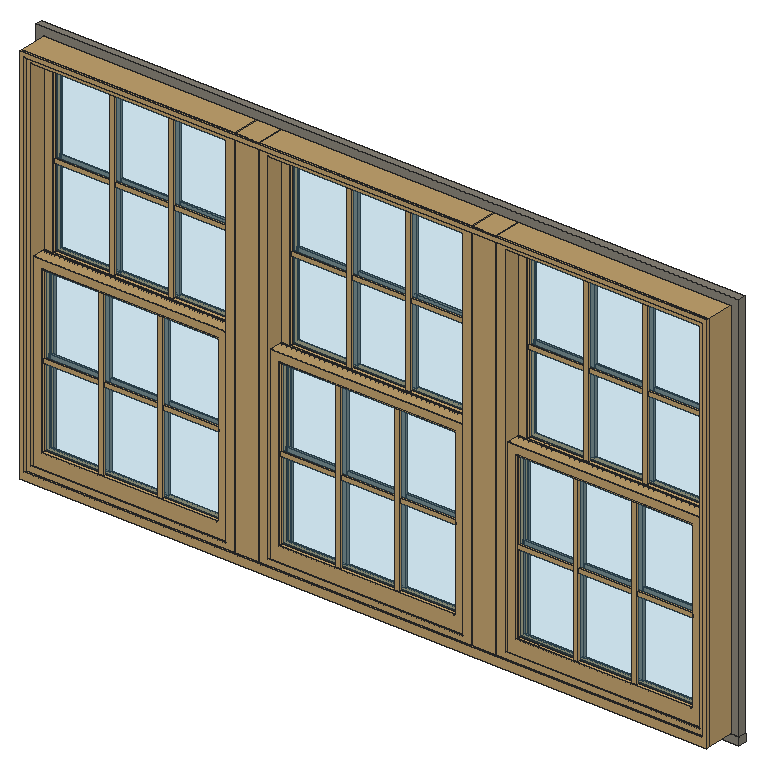
Revit family
Parameters (values of type "CUSH-NG3028")
  Window Type = "Clad Ultimate Single Hung-NG"
  Void Offset_S = if(Subsill A217 Visibility, 0' 1 11/32", if(Subsill A246 Visibility, 0' 0 9/16", 0' 0"))  # 0' - 1 11/32"
  Void Offset = if(Flat Casing Visibility, 0' 3", if(BMC Visibility, 0' 1 5/16", 0' 0"))  # 0' - 1 5/16"
  Interior Material = Wood-Marvin-Pine
  Frame = "Aluminum Clad"
  Egress Window = "Yes"
  Disclaimer line1 [instance] = "Verify assembly availability"  # constant formula
  Disclaimer line2 [instance] = "with a Marvin representative"  # constant formula
  Clear Opening Width = DLO Width + 0' 2 29/32"  # 2' - 7 21/32"
  Clear Opening Height = if(and(Nominal Unit Width > 4' 6", Nominal Height > 6' 0"), DLO Height - 0' 1 11/16", if(and(Nominal Unit Width > 4' 6", Nominal Height > 3' 4"), DLO Height - 0' 0 3/8", if(Nominal Unit Width > 4' 6", DLO Height - 0' 0 1/8", if(and(Nominal Unit Width > 4' 2", Nominal Height > 6' 8"), DLO Height - 0' 1 11/16", if(and(Nominal Unit Width > 4' 2", Nominal Height > 3' 8"), DLO Height - 0' 0 3/8", if(Nominal Unit Width > 4' 2", DLO Height - 0' 0 1/8", if(and(Nominal Unit Width > 3' 10", Nominal Height > 7' 4"), DLO Height - 0' 1 11/16", if(and(Nominal Unit Width > 3' 10", Nominal Height > 4' 0"), DLO Height - 0' 0 3/8", if(Nominal Unit Width > 3' 10", DLO Height - 0' 0 1/8", if(and(Nominal Unit Width > 3' 6", Nominal Height > 7' 8"), DLO Height - 0' 1 11/16", if(and(Nominal Unit Width > 3' 6", Nominal Height > 4' 8"), DLO Height - 0' 0 3/8", if(Nominal Unit Width > 3' 6", DLO Height - 0' 0 1/8", if(and(Nominal Unit Width > 3' 2", Nominal Height > 7' 8"), DLO Height - 0' 1 11/16", if(and(Nominal Unit Width > 3' 2", Nominal Height > 5' 0"), DLO Height - 0' 0 3/8", if(Nominal Unit Width > 3' 2", DLO Height - 0' 0 1/8", if(and(Nominal Unit Width > 3' 0", Nominal Height > 9' 0"), DLO Height - 0' 1 11/16", if(and(Nominal Unit Width > 3' 0", Nominal Height > 5' 8"), DLO Height - 0' 0 3/8", if(Nominal Unit Width > 3' 0", DLO Height - 0' 0 1/8", if(and(Nominal Unit Width > 2' 10", Nominal Height > 6' 0"), DLO Height - 0' 0 3/8", if(Nominal Unit Width > 2' 10", DLO Height - 0' 0 1/8", if(and(Nominal Unit Width > 2' 8", Nominal Height > 6' 4"), DLO Height - 0' 0 3/8", if(Nominal Unit Width > 2' 8", DLO Height - 0' 0 1/8", if(and(Nominal Unit Width > 2' 6", Nominal Height > 6' 8"), DLO Height - 0' 0 3/8", if(Nominal Unit Width > 2' 6", DLO Height - 0' 0 1/8", if(and(Nominal Unit Width > 2' 2", Nominal Height > 7' 4"), DLO Height - 0' 0 3/8", if(Nominal Unit Width > 2' 2", DLO Height - 0' 0 1/8", if(and(Nominal Unit Width > 1' 10", Nominal Height > 7' 8"), DLO Height - 0' 0 3/8", DLO Height - 0' 0 1/8")))))))))))))))))))))))))))  # 2' - 2 5/8"
  Unit Width = Nominal Unit Width - 0' 0 3/4"  # 2' - 11 1/4"
  URL = "www.marvin.com"
  Subsill Height = if(Subsill A217 Visibility, 0' 1 11/32", 0' 0 9/16")  # 0' - 1 11/32"
  Subsill A246 Visibility = and(Subsill Visibility, Subsill A246)  # no
  Subsill A217 Visibility = and(Subsill Visibility, Subsill A217)  # yes
  Space = if(Mull Space > 0' 0 1/32", Mull Space, 0' 0 1/32")  # 0' - 4"
  Prairie Corner Width = 0' - 4"
  Prairie Corner Height = 0' - 4"
  Nominal Unit Width = 3' - 0"
  Nominal Height = 5' - 4"
  Muntins Interior Finish = Wood-Marvin-Pine
  Muntins Exterior Finish = Aluminum-Marvin-Bronze
  Mulled Units Array = if(Mulled Units < 2, 2, Mulled Units)  # 3
  Mulled Units = 3
  Mull Space Units = if(Mulled Units < 3, 2, (Mulled Units - 1))  # 2
  Mull Space Single Visibility = and(Mulled Units Array = 2, Mull Space > 0' 0 1/32")  # no
  Mull Space Array Visibility = and(Mulled Units Array > 2, Mull Space > 0' 0 1/32")  # yes
  Mull Space = 0' - 4"
  Model = "CUSH-NG3028"
  Manufacturer = "Marvin Windows and Doors"
  Lites Wide Top Sash = 3
  Lites Wide Bottom Sash = 3
  Lites High Top Sash = 2
  Lites High Bottom Sash = 2
  Lite Cut Prairie 9 = no
  Lite Cut HV Grid = not(Lite Cut Prairie 9)  # yes
  Label Visibility = no
  Label Egress = if(and(and(Clear Opening Width > 1' 8", Clear Opening Height > 2' 0"), Egress Area > 5.70 SF), "EGRESS WDW", "")  # "EGRESS WDW"
  Glazing Material = Glass-Marvin-IG Low E II with Argon
  Glass Type = "IG Low E II with Argon"
  Flat Casing Visibility = and(Casing Visibility, Flat Casing)  # no
  Family created by = "www.rbuiltcomponents.com"
  Rough Width = Width + 0' 1"  # 9' - 6 3/4"
  Rough Height = Height + 0' 0 1/2"  # 5' - 4"
  Muntins Interior Top Sash = yes
  Muntins Interior Bottom Sash = yes
  Muntins Exterior Top Sash = yes
  Muntins Exterior Bottom Sash = yes
  Jamb Extension Visibility = yes
  Inset to Installation Flange [instance] = 0' - 1"
  Height = Nominal Height - 0' 0 1/2"  # 5' - 3 1/2"
  Egress Area = Clear Opening Width * Clear Opening Height  # 5.85311 SF
  Design Pressure = "DP50"
  Description = "3028 SNGHG"
  Default Head Height = 8' - 0"
  Wall Closure = (empty or 0)
  Width = (Mulled Units Array * Unit Width) + ((Mulled Units Array - 1) * Mull Space)  # 9' - 5 3/4"
  Daylight Area = DLO Width * DLO Height * Mulled Units * 2  # 32.0443 SF
  DLO Width = Unit Width - 0' 6 1/2"  # 2' - 4 3/4"
  DLO Height = (Height - 0' 10") / 2  # 2' - 2 3/4"
  Cladding Material = Aluminum-Marvin-Bronze
  Center Mull Last = if(Mulled Units Array < 3, Unit Width + Mull Space, (Unit Width + Mull Space) * (Mulled Units Array - 2))  # 3' - 3 1/4"
  Center Mull First = Center + (Mull Space / 2)  # 1' - 7 5/8"
  Center = Unit Width / 2  # 1' - 5 5/8"
  BMC Visibility = and(Casing Visibility, BMC)  # yes
  Assembly Code = ""
  Casing Visibility = yes
  BMC = yes
  Flat Casing = not(BMC)  # no
  Subsill Visibility = yes
  Subsill A246 = no
  Subsill A217 = not(Subsill A246)  # yes
Reference planes (in)
  plane 1 "Center (Front/Back)": y = 0
  plane 2: z = 0
  plane 3 "Center (Left/Right)": x = -2.0625
  plane 4 "Sill": z = 32.5
  plane 5 "Top": z = 96
  plane 6: z = 65.0625
  plane 7: x = -41.3125
  plane 8: x = 37.1875
  plane 9 "Left": x = -58.9375
  plane 10 "Right": x = 54.8125
  plane 11 "Inset": y = 2
  plane 12 "Jamb Ext face": y = -2.5625
  plane 13: x = -21.6875
  plane 14: x = 17.5625
  plane 15 "Glazing": y = 1.4375
  plane 16: z = 92.78125
  plane 17: z = 37.34375
  plane 18: z = 66
  plane 19: z = 64.125
  plane 20: z = 79.39063
  plane 21: z = 50.73438
  plane 22 "Glazing 2": y = -0.8125
  plane 23: y = -2.59375
  plane 24: x = 56.125
  plane 25: x = -60.25
  plane 26: z = 97.3125
  plane 27: z = 31.15625
  plane 28: y = 0.46875
  plane 29: y = -1.78125
Forms (in)
  Extrusion 1, solid, material "Wood-Marvin-Pine" <- "Interior Material", visible <- "Jamb Extension Visibility", detail levels medium+fine
    sketch origin (0, -2.5625, 0) x (1, 0, 0) y (0, 0, 1)
      loop
        line (-58.9375, 96) -> (-58.9375, 32.5) -> (54.8125, 32.5) -> (54.8125, 96) -> (-58.9375, 96)
      loop
        line (-58.25, 95.3125) -> (-58.25, 33.8125) -> (54.125, 33.8125) -> (54.125, 95.3125) -> (-58.25, 95.3125)
    from 0.03125 to 0.4375
  Extrusion 2, void
    sketch origin (0, 0, 0) x (1, 0, 0) y (0, 1, 0)
      loop
        line (-58.9375, 2) -> (-58.9375, -3) -> (54.8125, -3) -> (54.8125, 2) -> (-58.9375, 2)
    from 32.5 to 96
  Extrusion 3, void
    sketch origin (0, 0, 0) x (1, 0, 0) y (0, 1, 0)
      loop
        line (-60.25, 3.125) -> (-60.25, 2) -> (56.125, 2) -> (56.125, 3.125) -> (-60.25, 3.125)
    from 31.15625 to 97.3125
Lines and regions (in)
  Masking region 1, visible <- "Jamb Extension Visibility"
    outline origin (0, 0, 32.5) x (0, -1, 0) y (1, 0, 0)
      loop
        line (2.59375, -58.9375) -> (3, -58.9375) -> (3, 54.8125) -> (2.59375, 54.8125) -> (2.59375, -58.9375)
  Masking region 2
    outline origin (-2.0625, 0, 0) x (0, 1, 0) y (0, 0, 1)
      loop
        line (3.09375, 96) -> (-2.5625, 96) -> (-2.5625, 32.5) -> (3.09375, 32.5) -> (3.09375, 96)
  Masking region 3, visible <- "Jamb Extension Visibility"
    outline origin (-2.0625, 0, 0) x (0, 1, 0) y (0, 0, 1)
      loop
        line (-2.59375, 96) -> (-3, 96) -> (-3, 32.5) -> (-2.59375, 32.5) -> (-2.59375, 96)
  symbolic lines, style "WindowsFrameMullionProjection", detail levels coarse+medium
    curve 1: line (0, 3.09375, 96) -> (0, 3.09375, 95.31314)
    curve 2: line (0, 3.09375, 95.31314) -> (0, -2.5625, 95.31314)
    curve 3: line (0, -2.5625, 95.31314) -> (0, -2.5625, 96)
    curve 4: line (0, 3.09375, 32.5) -> (0, 3.09375, 33.0889)
    curve 5: line (0, 3.09375, 33.0889) -> (0, -1.3125, 34.1875)
    curve 6: line (0, -2.5625, 34.1875) -> (0, -2.5625, 32.5)
    curve 7: line (0, -1.3125, 34.1875) -> (0, -2.5625, 34.1875)
    curve 8: line (0, -0.46875, 37.34375) -> (0, -0.46875, 64.125)
    curve 9: line (0, -2.21875, 37.34375) -> (0, -2.21875, 64.125)
    curve 10: line (0, -0.46875, 33.97713) -> (0, -0.46875, 37.34375)
    curve 11: line (0, -0.46875, 37.34375) -> (0, -2.21875, 37.34375)
    curve 12: line (0, -2.21875, 37.34375) -> (0, -2.21875, 34.1875)
    curve 13: line (0, -0.46875, 64.125) -> (0, -0.46875, 64.28125)
    curve 14: line (0, -0.1875, 65.8125) -> (0, -2.21875, 65.8125)
    curve 15: line (0, -2.21875, 65.8125) -> (0, -2.21875, 64.125)
    curve 16: line (0, -0.46875, 64.125) -> (0, -2.21875, 64.125)
    curve 18: line (0, 1.78125, 66) -> (0, 1.78125, 92.78125)
    curve 19: line (0, 0.03125, 92.78125) -> (0, 0.03125, 66)
    curve 20: line (0, 1.78125, 95.31314) -> (0, 1.78125, 92.78125)
    curve 21: line (0, 0.03125, 92.78125) -> (0, 0.03125, 95.31314)
    curve 22: line (0, 0.03125, 92.78125) -> (0, 1.78125, 92.78125)
    curve 23: line (0, 1.78125, 66) -> (0, 0.03125, 66)
    curve 24: line (0, 0.03125, 66) -> (0, 0.03125, 65.81224)
    curve 25: line (0, -0.09375, 64.28125) -> (0, 1.78125, 64.28125)
    curve 26: line (0, 1.78125, 64.28125) -> (0, 1.78125, 66)
    curve 28: line (0, -0.09375, 64.28125) -> (0, -0.09375, 65.81224)
    curve 29: line (0, -0.09375, 65.81224) -> (0, 0.03125, 65.81224)
    curve 30: line (0, -0.1875, 64.28125) -> (0, -0.1875, 65.8125)
    curve 31: line (0, -0.1875, 64.28125) -> (0, -0.46875, 64.28125)
    curve 48: line (-2.0625, -3, 32.5) -> (-2.0625, 3.09375, 32.5)
    curve 49: line (-2.0625, -3, 96) -> (-2.0625, 3.09375, 96)
  symbolic lines, style "WindowsGlassProjection", detail levels coarse+medium
    curve 17: line (0, -1.34375, 64.125) -> (0, -1.34375, 37.34375)
    curve 27: line (0, 0.90625, 66) -> (0, 0.90625, 92.78125)
  symbolic lines, style "WindowsFrameMullionProjection", visible <- "Jamb Extension Visibility", detail levels coarse+medium
    curve 32: line (-2.0625, -2.59375, 33.8125) -> (-2.0625, -3, 33.8125)
    curve 33: line (-2.0625, -3, 33.8125) -> (-2.0625, -3, 32.5)
    curve 36: line (-2.0625, -2.59375, 95.3125) -> (-2.0625, -3, 95.3125)
    curve 37: line (-2.0625, -3, 95.3125) -> (-2.0625, -3, 96)
    curve 40: line (-58.95312, -3, 0) -> (-58.25, -3, 0)
    curve 41: line (-58.25, -3, 0) -> (-58.25, -2.59375, 0)
    curve 44: line (54.8125, -3, 0) -> (54.125, -3, 0)
    curve 45: line (54.125, -3, 0) -> (54.125, -2.59375, 0)
  symbolic lines, style "Jamb Extension", visible <- "Jamb Extension Visibility", detail levels fine
    curve 34: line (-2.0625, -2.59375, 33.8125) -> (-2.0625, -3, 33.8125)
    curve 35: line (-2.0625, -3, 33.8125) -> (-2.0625, -3, 32.5)
    curve 38: line (-2.0625, -2.59375, 95.3125) -> (-2.0625, -3, 95.3125)
    curve 39: line (-2.0625, -3, 95.3125) -> (-2.0625, -3, 96)
    curve 42: line (-58.95312, -3, 0) -> (-58.25, -3, 0)
    curve 43: line (-58.25, -3, 0) -> (-58.25, -2.59375, 0)
    curve 46: line (54.8125, -3, 0) -> (54.125, -3, 0)
    curve 47: line (54.125, -3, 0) -> (54.125, -2.59375, 0)
Text (in)
  text "EXTERIOR" at (-58.6888, 50.90694, 0), in view "Ref. Level"
  text "INTERIOR" at (-58.6888, -37.76638, 0), in view "Ref. Level"
  text "Exterior" at (0, 43.65631, 123.19604), in view "Left"
  text "Exterior" at (0, 18.29385, 125.04747), in view "Right"
Dimensions and locks (in)
  "Height": plane 4 "Sill" to plane 5 "Top"
  "Default Head Height": plane 2 to plane 5 "Top"
  "Width": plane 9 "Left" to plane 10 "Right"
  "Inset to Installation Flange": plane 11 "Inset" to host wall
  locked: plane 12 "Jamb Ext face" to plane 11 "Inset" at 4.5625
  nested 1 to host wall = 1' - 0"
  "Center": plane 9 "Left" to plane 7
  "Center": plane 8 to plane 10 "Right"
  "Center Mull First": plane 7 to plane 13
  "Center Mull Last": plane 13 to plane 14
  locked: plane 15 "Glazing" to plane 11 "Inset" at 0.5625
  nested 3 to plane 15 "Glazing" = 0' - 0 31/32"  (x3)
  equal spacing: plane 9 "Left", plane 3 "Center (Left/Right)", plane 10 "Right"
  group 1 to group 2 = 3' - 3 1/4"
  group 1 to group 2 = 0' - 0"  (x2)
  locked: plane 16 to plane 5 "Top" at 3.21875
  locked: plane 4 "Sill" to plane 17 at 4.84375
  equal spacing: plane 17, plane 6, plane 16
  plane 19 to plane 6 to plane 18 = 0' - 0 15/16" locked, 0' - 0 15/16" locked
  equal spacing: plane 18, plane 20, plane 16
  equal spacing: plane 17, plane 21, plane 19
  locked: plane 22 "Glazing 2" to plane 11 "Inset" at 2.8125
  nested 3 to plane 11 "Inset" = 0' - 1 17/32"
  equal spacing: group 3, group 5, group 4  (x3)
  equal spacing: group 6, group 8, group 7  (x3)
  locked: plane 5 "Top" to Extrusion 1 sketch curve at 0.6875
  locked: Extrusion 1 sketch curve to plane 10 "Right" at 0.6875
  locked: Extrusion 1 sketch curve to plane 9 "Left" at 0.6875
  locked: Extrusion 1 sketch curve to plane 4 "Sill" at 1.3125
  locked: plane 23 to plane 12 "Jamb Ext face" at 0.03125
  "Void Offset": plane 25 to plane 9 "Left"
  "Void Offset": plane 10 "Right" to plane 24
  "Void Offset": plane 5 "Top" to plane 26
  "Void Offset_S": plane 27 to plane 4 "Sill"
  locked: Extrusion 3 sketch curve to host wall at 0.125
  locked: plane 28 to plane 15 "Glazing" at 0.96875
  locked: plane 29 to plane 22 "Glazing 2" at 0.96875
  equal spacing: group 9, group 11, group 10  (x3)
  equal spacing: group 12, group 14, group 13  (x3)
  locked: curve 49 to plane 11 "Inset" at 1.09375
  locked: curve 48 to plane 11 "Inset" at 1.09375
  aligned and locked: plane 3 "Center (Left/Right)" to nested 1
  aligned and locked: plane 11 "Inset" to nested 2
  aligned and locked: plane 7 to nested 2
  aligned and locked: nested 4 to plane 7
  aligned and locked: plane 7 to nested 3
  aligned and locked: plane 4 "Sill" to nested 5
  aligned and locked: plane 11 "Inset" to nested 5
  aligned and locked: plane 13 to nested 5
  aligned and locked: plane 11 "Inset" to nested 6
  aligned and locked: plane 13 to nested 6
  aligned and locked: plane 4 "Sill" to nested 6
  aligned and locked: plane 14 to nested 7
  aligned and locked: plane 11 "Inset" to nested 7
  aligned and locked: plane 4 "Sill" to nested 7
  aligned and locked: plane 9 "Left" to Masking region 1 sketch curve
  aligned and locked: plane 10 "Right" to Masking region 1 sketch curve
  aligned and locked: Masking region 1 sketch curve to host wall
  aligned and locked: plane 7 to nested 9
  aligned and locked: plane 11 "Inset" to nested 9
  aligned and locked: nested 9 to plane 4 "Sill"
  aligned and locked: nested 4 to plane 20
  aligned and locked: nested 10 to plane 21
  aligned and locked: nested 10 to plane 7
  aligned and locked: plane 20 to nested 3
  aligned and locked: plane 21 to nested 11
  aligned and locked: plane 7 to nested 11
  aligned and locked: nested 8 to plane 5 "Top"
  aligned and locked: curve 6 to plane 12 "Jamb Ext face"
  aligned and locked: plane 17 to curve 11
  aligned and locked: curve 23 to plane 18
  aligned and locked: curve 16 to plane 19
  aligned and locked: plane 12 "Jamb Ext face" to curve 3
  aligned and locked: curve 22 to plane 16
  aligned and locked: nested 12 to plane 8
  aligned and locked: plane 11 "Inset" to nested 12
  aligned and locked: nested 14 to plane 8
  aligned and locked: plane 11 "Inset" to nested 14
  aligned and locked: nested 14 to plane 4 "Sill"
  aligned and locked: plane 5 "Top" to Masking region 2 sketch curve
  aligned and locked: Masking region 2 sketch curve to plane 4 "Sill"
  aligned and locked: Masking region 2 sketch curve to plane 12 "Jamb Ext face"
  aligned and locked: plane 5 "Top" to Extrusion 1 sketch curve
  aligned and locked: plane 9 "Left" to Extrusion 1 sketch curve
  aligned and locked: Extrusion 1 sketch curve to plane 4 "Sill"
  aligned and locked: plane 10 "Right" to Extrusion 1 sketch curve
  aligned and locked: host wall to Extrusion 1
  aligned and locked: plane 5 "Top" to Masking region 3 sketch curve
  aligned and locked: Masking region 3 sketch curve to plane 4 "Sill"
  aligned and locked: plane 23 to Masking region 3 sketch curve
  aligned and locked: Masking region 3 sketch curve to host wall
  aligned and locked: curve 32 to Extrusion 1
  aligned and locked: Extrusion 1 to curve 32
  aligned and locked: curve 34 to Extrusion 1
  aligned and locked: host wall to curve 35
  aligned and locked: Extrusion 1 to curve 38
  aligned and locked: curve 38 to Extrusion 1
  aligned and locked: Extrusion 1 to curve 41
  aligned and locked: Extrusion 1 to curve 43
  aligned and locked: curve 41 to Extrusion 1
  aligned and locked: Extrusion 1 to curve 45
  aligned and locked: Extrusion 1 to curve 47
  aligned and locked: curve 45 to Extrusion 1
  aligned and locked: Extrusion 1 to plane 23
  aligned and locked: plane 23 to Masking region 1 sketch curve
  aligned and locked: plane 3 "Center (Left/Right)" to nested 16
  aligned and locked: plane 11 "Inset" to nested 16
  aligned and locked: nested 16 to plane 4 "Sill"
  aligned and locked: plane 9 "Left" to Extrusion 2 sketch curve
  aligned and locked: plane 10 "Right" to Extrusion 2 sketch curve
  aligned and locked: plane 11 "Inset" to Extrusion 2 sketch curve
  aligned and locked: Extrusion 2 sketch curve to host wall
  aligned and locked: Extrusion 2 to plane 5 "Top"
  aligned and locked: plane 4 "Sill" to Extrusion 2
  aligned and locked: plane 25 to Extrusion 3 sketch curve
  aligned and locked: Extrusion 3 sketch curve to plane 24
  aligned and locked: Extrusion 3 sketch curve to plane 11 "Inset"
  aligned and locked: Extrusion 3 to plane 26
  aligned and locked: plane 27 to Extrusion 3
  aligned and locked: Masking region 2 sketch curve to nested 8
  aligned and locked: curve 21 to nested 8
  aligned and locked: curve 20 to nested 8
  aligned and locked: curve 1 to nested 8
  aligned and locked: curve 26 to nested 8
  aligned and locked: nested 8 to curve 25
  aligned and locked: curve 15 to nested 8
  aligned and locked: curve 14 to nested 8
  aligned and locked: curve 13 to nested 8
  aligned and locked: curve 29 to nested 8
  aligned and locked: curve 28 to nested 8
  aligned and locked: curve 30 to nested 8
  aligned and locked: curve 31 to nested 8
  aligned and locked: curve 10 to nested 8
  aligned and locked: curve 12 to nested 8
  aligned and locked: curve 7 to nested 8
  aligned and locked: curve 5 to nested 8
  aligned and locked: curve 4 to nested 8
  aligned and locked: plane 22 "Glazing 2" to nested 10
  aligned and locked: plane 29 to nested 11
  aligned and locked: plane 22 "Glazing 2" to nested 17
  aligned and locked: plane 29 to nested 18
  aligned and locked: plane 8 to nested 17
  aligned and locked: nested 17 to plane 21
  aligned and locked: nested 18 to plane 8
  aligned and locked: plane 21 to nested 18
  aligned and locked: plane 15 "Glazing" to nested 4
  aligned and locked: plane 28 to nested 3
  aligned and locked: plane 15 "Glazing" to nested 22
  aligned and locked: plane 28 to nested 21
  aligned and locked: plane 8 to nested 22
  aligned and locked: nested 22 to plane 20
  aligned and locked: plane 20 to nested 21
  aligned and locked: nested 21 to plane 8
  aligned and locked: curve 48 to nested 5
  aligned and locked: nested 8 to plane 11 "Inset"
  aligned and locked: plane 5 "Top" to curve 49
  aligned and locked: curve 2 to nested 8
Automatic sketch dimensions
  curve 42 to plane 9 "Left" = 0' - 0 1/64"
  curve 43 to host wall = 0' - 0"
  curve 44 to host wall = 0' - 0"
  curve 44 to plane 10 "Right" = 0' - 0"
  curve 4 to plane 4 "Sill" = 0' - 0"
  curve 6 to plane 4 "Sill" = 0' - 0"
  curve 1 to plane 5 "Top" = 0' - 0"
  curve 3 to plane 5 "Top" = 0' - 0"
  plane 22 "Glazing 2" to curve 17 = 0' - 0 17/32"
  plane 15 "Glazing" to curve 27 = 0' - 0 17/32"
  curve 37 to host wall = 0' - 0"
  curve 34 to plane 23 = 0' - 0"
Nested families (in)
  nested 1: "Label Annotation 1-16 w3" at (-2.0625, 15, 0), visible <- "Label Visibility", type "Label Annotation 1-16 w3"
  nested 2: "Plan_Detail" at (-41.3125, 2, 0), type "Plan_Detail", detail levels fine
    with Width 2' - 11 1/4"
  nested 3: "Muntins" at (-41.3125, 0.46875, 30.01562), visible <- "Muntins Interior Top Sash", Muntin Material <- "Muntins Interior Finish", type "Muntins"
    with MuntinDepth 0' - 0 5/16", Muntin Material Wood-Marvin-Pine, GlazingWidth 2' - 4 3/4", GlazingHeight 2' - 2 3/4", Width 2' - 5 3/16", LitesVertical 2, HorizMuntVisible no, Height 2' - 3 3/16", Inset Vert 0' - 9.35417", Inset Horiz 0' - 8 11/16", CenterMuntinHorizontal yes
  nested 4: "Muntins" at (-41.3125, 1.4375, 30.01562), Muntin Material <- "Muntins Exterior Finish", visible <- "Muntins Exterior Top Sash", type "Muntins"
    with MuntinDepth 0' - 0 5/16", Muntin Material Aluminum-Marvin-Bronze, GlazingWidth 2' - 4 3/4", GlazingHeight 2' - 2 3/4", Width 2' - 5 3/16", LitesVertical 2, HorizMuntVisible no, Height 2' - 3 3/16", Inset Vert 0' - 9.35417", Inset Horiz 0' - 8 11/16", CenterMuntinHorizontal yes
  nested 5: "Mull Space" at (-21.6875, 2, 0), visible <- "Mull Space Single Visibility", type "Mull Space"
    with Height 5' - 3 1/2"
  nested 6: "Mull Space" at (-21.6875, 2, 0), visible <- "Mull Space Array Visibility", type "Mull Space"
    with Height 5' - 3 1/2"
  nested 7: "Mull Space" at (17.5625, 2, 0), visible <- "Mull Space Array Visibility", type "Mull Space"
    with Height 5' - 3 1/2"
  nested 8: "Double_Hung_Section_Detail" at (-2.0625, 2, 64.25) x (0, 1, 0) z (1, 0, 0), type "Double_Hung_Section_Detail", detail levels fine
  nested 9: "Window-Double_Hung-Marvin-Clad_Ultimate" at (-41.3125, 2, 0), type "Window-Casement-Marvin-Clad_Ultimate"
  nested 10: "Muntins" at (-41.3125, -0.8125, 1.35937), Muntin Material <- "Muntins Exterior Finish", visible <- "Muntins Exterior Bottom Sash", type "Muntins 2"
    with MuntinDepth 0' - 0 5/16", Muntin Material Aluminum-Marvin-Bronze, GlazingWidth 2' - 4 3/4", GlazingHeight 2' - 2 3/4", Width 2' - 5 3/16", LitesVertical 2, HorizMuntVisible no, Height 2' - 3 3/16", Inset Vert 0' - 9.35417", Inset Horiz 0' - 8 11/16", CenterMuntinHorizontal yes
  nested 11: "Muntins" at (-41.3125, -1.78125, 1.35937), visible <- "Muntins Interior Bottom Sash", Muntin Material <- "Muntins Interior Finish", type "Muntins 2"
    with MuntinDepth 0' - 0 5/16", Muntin Material Wood-Marvin-Pine, GlazingWidth 2' - 4 3/4", GlazingHeight 2' - 2 3/4", Width 2' - 5 3/16", LitesVertical 2, HorizMuntVisible no, Height 2' - 3 3/16", Inset Vert 0' - 9.35417", Inset Horiz 0' - 8 11/16", CenterMuntinHorizontal yes
  nested 12: "Plan_Detail" at (37.1875, 2, 0), type "Plan_Detail", detail levels fine
    with Width 2' - 11 1/4"
  nested 13: "Plan_Detail" at (-2.0625, 2, 0), type "Plan_Detail", detail levels fine
    with Width 2' - 11 1/4"
  nested 14: "Window-Double_Hung-Marvin-Clad_Ultimate" at (37.1875, 2, 0), type "Window-Casement-Marvin-Clad_Ultimate"
  nested 15: "Window-Double_Hung-Marvin-Clad_Ultimate" at (-2.0625, 2, 0), type "Window-Casement-Marvin-Clad_Ultimate"
  nested 16: "Casing_Clad" at (-2.0625, 2, 32.5), type "Casing_Clad"
    with Width 9' - 5 3/4", Height 5' - 3 1/2"
  nested 17: "Muntins" at (37.1875, -0.8125, 1.35937), Muntin Material <- "Muntins Exterior Finish", visible <- "Muntins Exterior Bottom Sash", type "Muntins 2"
    with MuntinDepth 0' - 0 5/16", Muntin Material Aluminum-Marvin-Bronze, GlazingWidth 2' - 4 3/4", GlazingHeight 2' - 2 3/4", Width 2' - 5 3/16", LitesVertical 2, HorizMuntVisible no, Height 2' - 3 3/16", Inset Vert 0' - 9.35417", Inset Horiz 0' - 8 11/16", CenterMuntinHorizontal yes
  nested 18: "Muntins" at (37.1875, -1.78125, 1.35937), visible <- "Muntins Interior Bottom Sash", Muntin Material <- "Muntins Interior Finish", type "Muntins 2"
    with MuntinDepth 0' - 0 5/16", Muntin Material Wood-Marvin-Pine, GlazingWidth 2' - 4 3/4", GlazingHeight 2' - 2 3/4", Width 2' - 5 3/16", LitesVertical 2, HorizMuntVisible no, Height 2' - 3 3/16", Inset Vert 0' - 9.35417", Inset Horiz 0' - 8 11/16", CenterMuntinHorizontal yes
  nested 19: "Muntins" at (-2.0625, -0.8125, 1.35937), Muntin Material <- "Muntins Exterior Finish", visible <- "Muntins Exterior Bottom Sash", type "Muntins 2"
    with MuntinDepth 0' - 0 5/16", Muntin Material Aluminum-Marvin-Bronze, GlazingWidth 2' - 4 3/4", GlazingHeight 2' - 2 3/4", Width 2' - 5 3/16", LitesVertical 2, HorizMuntVisible no, Height 2' - 3 3/16", Inset Vert 0' - 9.35417", Inset Horiz 0' - 8 11/16", CenterMuntinHorizontal yes
  nested 20: "Muntins" at (-2.0625, -1.78125, 1.35937), visible <- "Muntins Interior Bottom Sash", Muntin Material <- "Muntins Interior Finish", type "Muntins 2"
    with MuntinDepth 0' - 0 5/16", Muntin Material Wood-Marvin-Pine, GlazingWidth 2' - 4 3/4", GlazingHeight 2' - 2 3/4", Width 2' - 5 3/16", LitesVertical 2, HorizMuntVisible no, Height 2' - 3 3/16", Inset Vert 0' - 9.35417", Inset Horiz 0' - 8 11/16", CenterMuntinHorizontal yes
  nested 21: "Muntins" at (37.1875, 0.46875, 30.01562), visible <- "Muntins Interior Top Sash", Muntin Material <- "Muntins Interior Finish", type "Muntins"
    with MuntinDepth 0' - 0 5/16", Muntin Material Wood-Marvin-Pine, GlazingWidth 2' - 4 3/4", GlazingHeight 2' - 2 3/4", Width 2' - 5 3/16", LitesVertical 2, HorizMuntVisible no, Height 2' - 3 3/16", Inset Vert 0' - 9.35417", Inset Horiz 0' - 8 11/16", CenterMuntinHorizontal yes
  nested 22: "Muntins" at (37.1875, 1.4375, 30.01562), Muntin Material <- "Muntins Exterior Finish", visible <- "Muntins Exterior Top Sash", type "Muntins"
    with MuntinDepth 0' - 0 5/16", Muntin Material Aluminum-Marvin-Bronze, GlazingWidth 2' - 4 3/4", GlazingHeight 2' - 2 3/4", Width 2' - 5 3/16", LitesVertical 2, HorizMuntVisible no, Height 2' - 3 3/16", Inset Vert 0' - 9.35417", Inset Horiz 0' - 8 11/16", CenterMuntinHorizontal yes
  nested 23: "Muntins" at (-2.0625, 0.46875, 30.01562), visible <- "Muntins Interior Top Sash", Muntin Material <- "Muntins Interior Finish", type "Muntins"
    with MuntinDepth 0' - 0 5/16", Muntin Material Wood-Marvin-Pine, GlazingWidth 2' - 4 3/4", GlazingHeight 2' - 2 3/4", Width 2' - 5 3/16", LitesVertical 2, HorizMuntVisible no, Height 2' - 3 3/16", Inset Vert 0' - 9.35417", Inset Horiz 0' - 8 11/16", CenterMuntinHorizontal yes
  nested 24: "Muntins" at (-2.0625, 1.4375, 30.01562), Muntin Material <- "Muntins Exterior Finish", visible <- "Muntins Exterior Top Sash", type "Muntins"
    with MuntinDepth 0' - 0 5/16", Muntin Material Aluminum-Marvin-Bronze, GlazingWidth 2' - 4 3/4", GlazingHeight 2' - 2 3/4", Width 2' - 5 3/16", LitesVertical 2, HorizMuntVisible no, Height 2' - 3 3/16", Inset Vert 0' - 9.35417", Inset Horiz 0' - 8 11/16", CenterMuntinHorizontal yes
Definition of nested family "Muntins"
  Parameters (values of type "Muntins")
    PrairieMuntVisible = no
    Prairie Corner Width = 0' - 4"
    Prairie Corner Height = 0' - 4"
    Muntin Extension = 0' - 0 7/16"
    GridMuntVisible = yes
    GlazingWidth = 2' - 0"
    GlazingHeight = 2' - 11 1/8"
    Width = GlazingWidth + Muntin Extension  # 2' - 0 7/16"
    VerticalMuntins = if(LitesHorizontal < 3, 2, LitesHorizontal - 1)  # 2
    VertMuntVisible = and(GridMuntVisible, LitesHorizontal > 2)  # yes
    MuntinWidth = 0' - 0 3/4"
    MuntinDepth [instance] = 0' - 0 3/8"
    Muntin Material [instance] = none
    LitesVertical = 3
    LitesHorizontal = 3
    HorizontalMuntins = if(LitesVertical < 3, 2, LitesVertical - 1)  # 2
    HorizMuntVisible = and(GridMuntVisible, LitesVertical > 2)  # yes
    Height = GlazingHeight + Muntin Extension  # 2' - 11 9/16"
    Inset Vert = if(LitesHorizontal < 3, (Width / 3) - (MuntinWidth / 2), (Width / LitesHorizontal) - (MuntinWidth / 2))  # 0' - 7.77083"
    Inset Horiz = if(LitesVertical < 3, (Height / 3) - (MuntinWidth / 2), (Height / LitesVertical) - (MuntinWidth / 2))  # 0' - 11.47917"
    CenterMuntinVertical = and(GridMuntVisible, LitesHorizontal = 2)  # no
    CenterMuntinHorizontal = and(GridMuntVisible, LitesVertical = 2)  # no
    Assembly Code = ""
  Reference planes (in)
    plane 1 "Center (Front/Back)": y = 0
    plane 2: z = 0
    plane 3 "Center (Left/Right)": x = 0
    plane 4: z = 35.78125
    plane 5: z = 53.5625
    plane 6: z = 71.34375
    plane 7: z = 59.86458
    plane 8: z = 47.26042
    plane 9: z = 71.125
    plane 10: z = 36
    plane 11: x = -12
    plane 12: x = 12
    plane 13: x = -4.44792
    plane 14: x = -12.21875
    plane 15: x = 12.21875
    plane 16: x = 4.44792
    plane 17: z = 67.125
    plane 18: z = 40
    plane 19: x = -8
    plane 20: x = 8
  Forms (in)
    Extrusion 1, solid, material <- "Muntin Material", visible <- "CenterMuntinVertical", detail levels medium+fine
      sketch origin (9, 0, 0) x (1, 0, 0) y (0, 0, 1)
        loop
          line (-9.375, 71.34375) -> (-9.375, 35.78125) -> (-8.625, 35.78125) -> (-8.625, 71.34375) -> (-9.375, 71.34375)
      from 0 to 0.375 <- "MuntinDepth"
    Extrusion 2, solid, material <- "Muntin Material", visible <- "CenterMuntinHorizontal", detail levels medium+fine
      sketch origin (-0.0013, 0, 14.6875) x (1, 0, 0) y (0, 0, 1)
        loop
          line (-12.21745, 39.25) -> (-12.21745, 38.5) -> (12.22005, 38.5) -> (12.22005, 39.25) -> (-12.21745, 39.25)
      from 0 to 0.375 <- "MuntinDepth"
    Extrusion 3, solid, material <- "Muntin Material", visible <- "VertMuntVisible", detail levels medium+fine
      sketch origin (4.92708, 0, -2.90625) x (1, 0, 0) y (0, 0, 1)
        loop
          line (-9.375, 74.25) -> (-9.375, 38.6875) -> (-8.625, 38.6875) -> (-8.625, 74.25) -> (-9.375, 74.25)
      from 0 to 0.375 <- "MuntinDepth"
    Extrusion 4, solid, material <- "Muntin Material", visible <- "HorizMuntVisible", detail levels medium+fine
      sketch origin (-3.09635, 0, 14.17708) x (1, 0, 0) y (0, 0, 1)
        loop
          line (-9.1224, 45.6875) -> (-9.1224, 44.9375) -> (15.3151, 44.9375) -> (15.3151, 45.6875) -> (-9.1224, 45.6875)
      from 0 to 0.375 <- "MuntinDepth"
    Extrusion 5, solid, material <- "Muntin Material", visible <- "HorizMuntVisible", detail levels medium+fine
      sketch origin (-3.09635, 0, 2.32292) x (1, 0, 0) y (0, 0, 1)
        loop
          line (-9.1224, 45.6875) -> (-9.1224, 44.9375) -> (15.3151, 44.9375) -> (15.3151, 45.6875) -> (-9.1224, 45.6875)
      from 0 to 0.375 <- "MuntinDepth"
    Extrusion 6, solid, material <- "Muntin Material", visible <- "VertMuntVisible", detail levels medium+fine
      sketch origin (13.07292, 0, -2.90625) x (1, 0, 0) y (0, 0, 1)
        loop
          line (-9.375, 74.25) -> (-9.375, 38.6875) -> (-8.625, 38.6875) -> (-8.625, 74.25) -> (-9.375, 74.25)
      from 0 to 0.375 <- "MuntinDepth"
    Extrusion 7, solid, material <- "Muntin Material", visible <- "PrairieMuntVisible", detail levels medium+fine
      sketch origin (1, 0, 0) x (1, 0, 0) y (0, 0, 1)
        loop
          line (-9, 71.34375) -> (-9, 35.78125) -> (-8.25, 35.78125) -> (-8.25, 71.34375) -> (-9, 71.34375)
      from 0 to 0.375 <- "MuntinDepth"
    Extrusion 8, solid, material <- "Muntin Material", visible <- "PrairieMuntVisible", detail levels medium+fine
      sketch origin (17, 0, 0) x (1, 0, 0) y (0, 0, 1)
        loop
          line (-9.75, 71.34375) -> (-9.75, 35.78125) -> (-9, 35.78125) -> (-9, 71.34375) -> (-9.75, 71.34375)
      from 0 to 0.375 <- "MuntinDepth"
    Extrusion 9, solid, material <- "Muntin Material", visible <- "PrairieMuntVisible", detail levels medium+fine
      sketch origin (-0.0013, 0, 28.25) x (1, 0, 0) y (0, 0, 1)
        loop
          line (-12.21745, 38.875) -> (-12.21745, 38.125) -> (12.22005, 38.125) -> (12.22005, 38.875) -> (-12.21745, 38.875)
      from 0 to 0.375 <- "MuntinDepth"
    Extrusion 10, solid, material <- "Muntin Material", visible <- "PrairieMuntVisible", detail levels medium+fine
      sketch origin (-0.0013, 0, 1.125) x (1, 0, 0) y (0, 0, 1)
        loop
          line (-12.21745, 39.625) -> (-12.21745, 38.875) -> (12.22005, 38.875) -> (12.22005, 39.625) -> (-12.21745, 39.625)
      from 0 to 0.375 <- "MuntinDepth"
  Cuts and joins
    joined: Extrusion 7, Extrusion 8, Extrusion 9, Extrusion 10
  Lines and regions (in)
    model lines, style "Muntins", visible <- "CenterMuntinHorizontal", detail levels coarse
      curve 1: line (-12.21875, 0, 53.5625) -> (12.21875, 0, 53.5625)
    model lines, style "Muntins", visible <- "HorizMuntVisible", detail levels coarse
      curve 2: line (-12.21875, 0, 59.48958) -> (12.21875, 0, 59.48958)
      curve 3: line (-12.21875, 0, 47.63542) -> (12.21875, 0, 47.63542)
    model lines, style "Muntins", visible <- "CenterMuntinVertical", detail levels coarse
      curve 4: line (0, 0, 71.34375) -> (0, 0, 35.78125)
    model lines, style "Muntins", visible <- "VertMuntVisible", detail levels coarse
      curve 5: line (-4.07292, 0, 71.34375) -> (-4.07292, 0, 35.78125)
      curve 6: line (4.07292, 0, 71.34375) -> (4.07292, 0, 35.78125)
    model lines, style "Muntins", visible <- "PrairieMuntVisible", detail levels coarse
      curve 7: line (-12.21875, 0, 66.75) -> (12.21875, 0, 66.75)
      curve 8: line (-12.21875, 0, 40.375) -> (12.21875, 0, 40.375)
      curve 9: line (-7.625, 0, 35.78125) -> (-7.625, 0, 71.34375)
      curve 10: line (7.625, 0, 35.78125) -> (7.625, 0, 71.34375)
  Dimensions and locks (in)
    "Inset Horiz": plane 6 to plane 7
    "Inset Horiz": plane 8 to plane 4
    equal spacing: plane 6, plane 5, plane 4
    "Height": plane 6 to plane 4
    "GlazingHeight": plane 9 to plane 10
    equal spacing: plane 9, plane 5, plane 10
    "GlazingWidth": plane 12 to plane 11
    equal spacing: plane 12, plane 3 "Center (Left/Right)", plane 11
    "MuntinWidth": Extrusion 1 sketch curve to Extrusion 1 sketch curve
    "Height": Extrusion 1 sketch curve to Extrusion 1 sketch curve
    "MuntinWidth": Extrusion 2 sketch curve to Extrusion 2 sketch curve
    "Width": Extrusion 2 sketch curve to Extrusion 2 sketch curve
    "MuntinWidth": Extrusion 3 sketch curve to Extrusion 3 sketch curve
    "Height": Extrusion 3 sketch curve to Extrusion 3 sketch curve
    "Width": plane 15 to plane 14
    equal spacing: plane 15, plane 3 "Center (Left/Right)", plane 14
    "Inset Vert": plane 13 to plane 14
    "Inset Vert": plane 15 to plane 16
    "MuntinWidth": Extrusion 4 sketch curve to Extrusion 4 sketch curve
    "Width": Extrusion 4 sketch curve to Extrusion 4 sketch curve
    "MuntinWidth": Extrusion 5 sketch curve to Extrusion 5 sketch curve
    "Width": Extrusion 5 sketch curve to Extrusion 5 sketch curve
    group 2 to group 3 = 0' - 0"  (x2)
    group 3 to group 2 = 0' - 11.85417"
    "MuntinWidth": Extrusion 6 sketch curve to Extrusion 6 sketch curve
    "Height": Extrusion 6 sketch curve to Extrusion 6 sketch curve
    group 4 to group 5 = 0' - 8.14583"
    group 4 to group 5 = 0' - 0"  (x2)
    "Prairie Corner Width": plane 19 to plane 11
    "Prairie Corner Width": plane 20 to plane 12
    "Prairie Corner Height": plane 9 to plane 17
    "Prairie Corner Height": plane 18 to plane 10
    "MuntinWidth": Extrusion 7 sketch curve to Extrusion 7 sketch curve
    "Height": Extrusion 7 sketch curve to Extrusion 7 sketch curve
    "MuntinWidth": Extrusion 8 sketch curve to Extrusion 8 sketch curve
    "Height": Extrusion 8 sketch curve to Extrusion 8 sketch curve
    "MuntinWidth": Extrusion 9 sketch curve to Extrusion 9 sketch curve
    "Width": Extrusion 9 sketch curve to Extrusion 9 sketch curve
    "MuntinWidth": Extrusion 10 sketch curve to Extrusion 10 sketch curve
    "Width": Extrusion 10 sketch curve to Extrusion 10 sketch curve
    aligned and locked: plane 6 to Extrusion 1  (x2)
    aligned and locked: Extrusion 1 to plane 4  (x3)
    aligned and locked: Extrusion 3 to plane 13  (x5)
    aligned and locked: Extrusion 3 to plane 4  (x3)
    aligned and locked: Extrusion 2 to plane 14
    aligned and locked: plane 15 to Extrusion 2
    aligned and locked: plane 6 to Extrusion 3
    aligned and locked: plane 7 to Extrusion 4
    aligned and locked: Extrusion 4 to plane 14
    aligned and locked: plane 15 to Extrusion 4
    aligned and locked: curve 1 to plane 5
    aligned and locked: plane 14 to curve 1
    aligned and locked: plane 15 to curve 1
    aligned and locked: Extrusion 5 to plane 14
    aligned and locked: Extrusion 5 to plane 8
    aligned and locked: plane 15 to Extrusion 5
    aligned and locked: Extrusion 5 to curve 3  (x2)
    aligned and locked: Extrusion 4 to curve 2  (x2)
    aligned and locked: curve 4 to plane 3 "Center (Left/Right)"
    aligned and locked: Extrusion 1 to curve 4  (x2)
    aligned and locked: Extrusion 3 to curve 5  (x2)
    aligned and locked: Extrusion 6 to curve 6  (x2)
    aligned and locked: Extrusion 6 to plane 16
    aligned and locked: plane 6 to Extrusion 6
    aligned and locked: plane 6 to curve 6
    aligned and locked: Extrusion 6 to plane 4
    aligned and locked: plane 4 to curve 6
    aligned and locked: cut or joined group of Extrusion 7, Extrusion 8, Extrusion 9, Extrusion 10 to plane 19
    aligned and locked: plane 20 to cut or joined group of Extrusion 7, Extrusion 8, Extrusion 9, Extrusion 10
    aligned and locked: plane 17 to cut or joined group of Extrusion 7, Extrusion 8, Extrusion 9, Extrusion 10
    aligned and locked: cut or joined group of Extrusion 7, Extrusion 8, Extrusion 9, Extrusion 10 to plane 18
    aligned and locked: cut or joined group of Extrusion 7, Extrusion 8, Extrusion 9, Extrusion 10 to curve 7  (x2)
    aligned and locked: cut or joined group of Extrusion 7, Extrusion 8, Extrusion 9, Extrusion 10 to curve 8  (x2)
    aligned and locked: cut or joined group of Extrusion 7, Extrusion 8, Extrusion 9, Extrusion 10 to curve 9  (x2)
    aligned and locked: cut or joined group of Extrusion 7, Extrusion 8, Extrusion 9, Extrusion 10 to curve 10  (x2)
  Automatic sketch dimensions
    Extrusion 1 sketch curve to plane 4 = 0' - 0"
    Extrusion 1 sketch curve to plane 3 "Center (Left/Right)" = 0' - 0 3/8"
    Extrusion 2 sketch curve to plane 14 = 0' - 0"
    Extrusion 2 sketch curve to plane 5 = 0' - 0 3/8"
    Extrusion 7 sketch curve to plane 4 = 0' - 0"
    Extrusion 7 sketch curve to plane 19 = 0' - 0"
    Extrusion 8 sketch curve to plane 4 = 0' - 0"
    Extrusion 8 sketch curve to plane 20 = 0' - 0 3/4"
    Extrusion 9 sketch curve to plane 14 = 0' - 0"
    Extrusion 9 sketch curve to plane 17 = 0' - 0 3/4"
    Extrusion 10 sketch curve to plane 14 = 0' - 0"
    Extrusion 10 sketch curve to plane 18 = 0' - 0"
    plane 19 to curve 9 = 0' - 0 3/8"
    curve 10 to plane 20 = 0' - 0 3/8"
    plane 18 to curve 8 = 0' - 0 3/8"
    curve 7 to plane 17 = 0' - 0 3/8"
Definition of nested family "Mull Space"
  Parameters (values of type "Mull Space")
    Mull Space = 0' - 4"
    Interior Finish = Wood-Marvin-Pine
    Height = 5' - 4 3/8"
    Cladding Finish = Aluminum-Marvin-Bronze
    Assembly Code = ""
  Reference planes (in)
    plane 1 "Center (Front/Back)": y = 0
    plane 2: z = 0
    plane 3 "Center (Left/Right)": x = 0
    plane 4: y = -4.5625
    plane 5: y = 1.09375
    plane 6: x = 2
    plane 7: x = -2
    plane 8: z = 96
    plane 9 "Sill": z = 31.625
  Forms (in)
    Extrusion 1, solid, material "Wood-Marvin-Pine" <- "Interior Finish"
      sketch origin (0, 0, 0) x (1, 0, 0) y (0, 1, 0)
        loop
          line (-2, 1.09375) -> (-2, -4.5625) -> (2, -4.5625) -> (2, 1.09375) -> (-2, 1.09375)
      from 31.625 to 96
  Lines and regions (in)
    Masking region 1
      outline origin (0, 0, 31.625) x (1, 0, 0) y (0, 1, 0)
        loop
          line (-2, 1.09375) -> (-2, -4.5625) -> (2, -4.5625) -> (2, 1.09375) -> (-2, 1.09375)
    Split face 1
      outline origin (0, 0, 96) x (1, 0, 0) y (0, 1, 0)
        loop
          line (2, 0) -> (-2, 0)
    Split face 2
      outline origin (0, 0, 31.625) x (1, 0, 0) y (0, 1, 0)
        loop
          line (2, 0) -> (-2, 0)
    symbolic lines, style "WindowsFrameMullionProjection", detail levels coarse+medium
      curve 1: line (-2, 1.09375, 31.625) -> (2, 1.09375, 31.625)
      curve 2: line (-2, -4.5625, 31.625) -> (2, -4.5625, 31.625)
  Dimensions and locks (in)
    locked: plane 4 to plane 1 "Center (Front/Back)" at 4.5625
    locked: plane 1 "Center (Front/Back)" to plane 5 at 1.09375
    equal spacing: plane 7, plane 3 "Center (Left/Right)", plane 6
    "Mull Space": plane 7 to plane 6
    "Height": plane 9 "Sill" to plane 8
    aligned and locked: plane 5 to Extrusion 1 sketch curve
    aligned and locked: Extrusion 1 sketch curve to plane 4
    aligned and locked: Extrusion 1 sketch curve to plane 6
    aligned and locked: plane 7 to Extrusion 1 sketch curve
    aligned and locked: plane 8 to Extrusion 1
    aligned and locked: plane 7 to Masking region 1 sketch curve
    aligned and locked: Masking region 1 sketch curve to plane 6
    aligned and locked: plane 5 to Masking region 1 sketch curve
    aligned and locked: Masking region 1 sketch curve to plane 4
    aligned and locked: Split face 1 sketch curve to plane 1 "Center (Front/Back)"
    aligned and locked: Split face 2 sketch curve to plane 1 "Center (Front/Back)"
    aligned and locked: Extrusion 1 to plane 9 "Sill"
  Automatic sketch dimensions
    Split face 1 sketch curve to Extrusion 1 = 0' - 0"  (x2)
    Split face 2 sketch curve to Extrusion 1 = 0' - 0"  (x2)
    curve 2 to plane 4 = 0' - 0"
    curve 2 to plane 7 = 0' - 0"
    curve 1 to plane 5 = 0' - 0"
    curve 1 to plane 7 = 0' - 0"
    curve 2 to plane 6 = 0' - 0"
    curve 1 to plane 6 = 0' - 0"
Definition of nested family "Window-Double_Hung-Marvin-Clad_Ultimate"
  Parameters (values of type "Window-Casement-Marvin-Clad_Ultimate")
    Width = 0' - 0"
    Unit Width = 2' - 11 1/4"
    Interior Finish = Wood-Marvin-Pine
    Height = 5' - 3 1/2"
    Glazing Material = Glass-Marvin-IG Low E II with Argon
    DLO Width = Unit Width - 0' 6 1/2"  # 2' - 4 3/4"
    DLO Height = (Height - 0' 10") / 2  # 2' - 2 3/4"
    Cladding Finish = Aluminum-Marvin-Bronze
    Assembly Code = ""
  Reference planes (in)
    plane 1 "Center (Front/Back)": y = 0
    plane 2: z = 0
    plane 3 "Center (Left/Right)": x = 0
    plane 4: x = 17.625
    plane 5: x = -17.625
    plane 6 "Glazing": y = -0.5625
    plane 7: y = -4.5625
    plane 8: z = 96
    plane 9 "Sill": z = 32.5
    plane 10: z = 65.0625
    plane 11: x = -14.40625
    plane 12: x = 14.40625
    plane 13 "Glazing 2": y = -2.8125
    plane 14: z = 92.78125
    plane 15: z = 37.34375
    plane 16: z = 66.03125
    plane 17: z = 64.09375
  Forms (in)
    Sweep 1, solid, material "Wood-Marvin-Pine" <- "Interior Finish"
      path origin (0, -0.5625, 0) x (1, 0, 0) y (0, 0, 1)
        loop
          line (17.625, 32.5) -> (17.625, 96) -> (-17.625, 96) -> (-17.625, 32.5)
      profile "Clad Frame : Clad Frame" origin (-17.625, -0.5625, 64.25) x (1, 0, 0) y (0, -1, 0)
        loop
          line (0, -1.65625) -> (0.59375, -1.65625) -> (0.66381, -1.1875) -> (0.9375, -1.1875) -> (0.9375, -0.78125) -> (1.78125, -0.78125) -> (1.78125, -0.4375) -> (1.5, -0.4375) -> (1.5, 4) -> (0, 4) -> (0, -1.65625)
    Extrusion 2, solid, material "Glass-Marvin-IG Low E II with Argon" <- "Glazing Material"
      sketch origin (0, -0.5625, 0) x (1, 0, 0) y (0, 0, 1)
        loop
          line (14.90625, 93.28125) -> (-14.90625, 93.28125) -> (-14.90625, 65.53125) -> (14.90625, 65.53125) -> (14.90625, 93.28125)
      from 0 to 0.15625
    Sweep 3, solid, material "Wood-Marvin-Pine" <- "Interior Finish"
      path origin (0, -0.5625, 0) x (1, 0, 0) y (0, 0, 1)
        loop
          line (14.40625, 92.78125) -> (-14.40625, 92.78125) -> (-14.40625, 66.03125) -> (14.40625, 66.03125) -> (14.40625, 92.78125)
      profile "Sash : Sash" origin (0, -0.5625, 92.78125) x (0, 0, -1) y (0, -1, 0)
        loop
          line (-1.65625, 1.40625) -> (-1.65625, -0.34375) -> (-0.1875, -0.34375) -> (-0.1875, -0.19262) -> (0, -0.03595) -> (0, 0) -> (-0.75, 0) -> (-0.75, 0.96875) -> (0, 0.96875) -> (0, 1.12032) -> (-0.21901, 1.33933) -> (-0.21901, 1.40625) -> (-1.65625, 1.40625)
    Sweep 4, solid, material "Wood-Marvin-Pine" <- "Interior Finish"
      path origin (0, -2.8125, 0) x (1, 0, 0) y (0, 0, 1)
        loop
          line (14.40625, 64.09375) -> (-14.40625, 64.09375) -> (-14.40625, 37.34375) -> (14.40625, 37.34375) -> (14.40625, 64.09375)
      profile "Sash : Sash" origin (0, -2.8125, 64.09375) x (0, 0, -1) y (0, -1, 0)
        loop
          line (-1.65625, 1.40625) -> (-1.65625, -0.34375) -> (-0.1875, -0.34375) -> (-0.1875, -0.19262) -> (0, -0.03595) -> (0, 0) -> (-0.75, 0) -> (-0.75, 0.96875) -> (0, 0.96875) -> (0, 1.12032) -> (-0.21901, 1.33933) -> (-0.21901, 1.40625) -> (-1.65625, 1.40625)
    Extrusion 5, solid, material "Glass-Marvin-IG Low E II with Argon" <- "Glazing Material"
      sketch origin (0, -2.8125, 0) x (1, 0, 0) y (0, 0, 1)
        loop
          line (14.90625, 64.59375) -> (-14.90625, 64.59375) -> (-14.90625, 36.84375) -> (14.90625, 36.84375) -> (14.90625, 64.59375)
      from 0 to 0.15625
    Sweep 6, solid, material "Wood-Marvin-Pine" <- "Interior Finish"
      path in 3D
        loop
          line (-16.0625, -2.46875, 35.6875) -> (16.0625, -2.46875, 35.6875)
      profile "Sash bottom : Sash bottom" origin (0, -2.46875, 35.6875) x (0, -1, 0) y (0, 0, -1)
        loop
          line (1.75, 1.28125) -> (0.25, 1.28125) -> (0.25, 1.56752) -> (0, 1.62985) -> (0, 0) -> (1.75, 0) -> (1.75, 1.28125)
    Sweep 7, solid, material "Wood-Marvin-Pine" <- "Interior Finish"
      path origin (0, -2.8125, 0) x (1, 0, 0) y (0, 0, 1)
        loop
          line (17.625, 32.5) -> (-17.625, 32.5)
      profile "Sill : Sill" origin (0, -2.8125, 32.5) x (0, 0, -1) y (0, -1, 0)
        loop
          line (0, 1.75) -> (-2.22769, 1.75) -> (-2.22769, 1.5) -> (-1.6875, 1.5) -> (-1.6875, 0.5) -> (-0.80316, -3.04688) -> (-0.72218, -3.04688) -> (-0.59375, -3.90625) -> (0, -3.90625) -> (0, 1.75)
    Sweep 8, solid, material "Wood-Marvin-Pine" <- "Interior Finish"
      path in 3D
        loop
          line (-16.0625, -0.21875, 64.375) -> (16.0625, -0.21875, 64.375)
      profile "Checkrail : Checkrail" origin (0, -0.21875, 64.375) x (0, -1, 0) y (0, 0, -1)
        loop
          line (2.25, -0.4375) -> (2.14063, -0.4375) -> (2.14063, 0.09375) -> (0, 0.09375) -> (0, 0) -> (1.75, 0) -> (1.75, -0.4375) -> (1.75, -1.4375) -> (1.875, -1.4375) -> (1.875, -1.375) -> (1.96875, -1.375) -> (1.96875, -1.4375) -> (4, -1.4375) -> (4, -1.375) -> (2.25, -1.375) -> (2.25, -0.4375)
    Extrusion 9, solid, material "Glass-Marvin-IG Low E II with Argon" <- "Glazing Material"
      sketch origin (0, -0.5625, 0) x (1, 0, 0) y (0, 0, 1)
        loop
          line (14.90625, 93.28125) -> (-14.90625, 93.28125) -> (-14.90625, 65.53125) -> (14.90625, 65.53125) -> (14.90625, 93.28125)
      from 0.8125 to 0.96875
    Extrusion 10, solid, material "Glass-Marvin-IG Low E II with Argon" <- "Glazing Material"
      sketch origin (0, -2.8125, 0) x (1, 0, 0) y (0, 0, 1)
        loop
          line (14.90625, 64.59375) -> (-14.90625, 64.59375) -> (-14.90625, 36.84375) -> (14.90625, 36.84375) -> (14.90625, 64.59375)
      from 0.8125 to 0.96875
  Cuts and joins
    joined: Sweep 3, Sweep 8
    joined: Sweep 4, Sweep 6
    joined: Sweep 1, Sweep 7
  Lines and regions (in)
    Masking region 1
      outline origin (0, 0, 32.5) x (1, 0, 0) y (0, 1, 0)
        loop
          line (-17.625, 1.09375) -> (-17.625, -4.5625) -> (17.625, -4.5625) -> (17.625, 1.09375) -> (-17.625, 1.09375)
    Split face 1
      outline origin (17.625, -4.5625, 32.5) x (0, 1, 0) y (-1, 0, 0)
        loop
          line (4, 0) -> (4, 35.25)
    Split face 2
      outline origin (17.625, -2.8125, 32.5) x (0, 0, 1) y (0, -1, 0)
        loop
          line (0, -2.25) -> (63.5, -2.25)
    Split face 3
      outline origin (17.625, 1.09375, 96) x (-1, 0, 0) y (0, -1, 0)
        loop
          line (0, 1.65625) -> (35.25, 1.65625)
    Split face 4
      outline origin (-17.625, -2.8125, 32.5) x (0, -1, 0) y (0, 0, 1)
        loop
          line (-2.25, 63.5) -> (-2.25, 0)
    Split face 5
      outline origin (16.125, -4.5625, 32.5) x (0, 0, 1) y (0, 1, 0)
        loop
          line (1.56284, 1.75) -> (32.5625, 1.75) -> (32.5625, 4.4375)
    Split face 6
      outline origin (-16.125, -4.5625, 94.5) x (0, 0, -1) y (0, 1, 0)
        loop
          line (60.43716, 1.75) -> (29.4375, 1.75) -> (29.4375, 4.4375)
    symbolic lines, style "WindowsFrameMullionProjection", detail levels coarse+medium
      curve 1: line (-16.125, -4.5625, 32.5) -> (-17.625, -4.5625, 32.5)
      curve 2: line (-16.125, 1.09375, 32.5) -> (-16.125, -4.5625, 32.5)
      curve 3: line (-17.625, 1.09375, 32.5) -> (-16.125, 1.09375, 32.5)
      curve 4: line (-17.625, -4.5625, 32.5) -> (-17.625, 1.09375, 32.5)
      curve 5: line (16.125, -4.5625, 32.5) -> (17.625, -4.5625, 32.5)
      curve 6: line (16.125, 1.09375, 32.5) -> (16.125, -4.5625, 32.5)
      curve 7: line (17.625, 1.09375, 32.5) -> (16.125, 1.09375, 32.5)
      curve 8: line (17.625, -4.5625, 32.5) -> (17.625, 1.09375, 32.5)
      curve 9: line (-16.125, -2.46875, 32.5) -> (-14.40625, -2.46875, 32.5)
      curve 10: line (-14.40625, -4.21875, 32.5) -> (-16.125, -4.21875, 32.5)
      curve 11: line (-14.40625, -2.46875, 32.5) -> (-14.40625, -4.21875, 32.5)
      curve 12: line (16.125, -2.46875, 32.5) -> (14.40625, -2.46875, 32.5)
      curve 13: line (14.40625, -4.21875, 32.5) -> (16.125, -4.21875, 32.5)
      curve 14: line (14.40625, -2.46875, 32.5) -> (14.40625, -4.21875, 32.5)
      curve 15: line (-14.40625, -2.46875, 32.5) -> (14.40625, -2.46875, 32.5)
      curve 16: line (-14.40625, -4.21875, 32.5) -> (14.40625, -4.21875, 32.5)
    symbolic lines, style "WindowsGlassProjection", detail levels coarse+medium
      curve 17: line (-14.40625, -3.34112, 32.5) -> (14.40625, -3.34112, 32.5)
    sketch lines
      curve 18: line (-16.0625, -0.21875, 64.375) -> (16.0625, -0.21875, 64.375)
      curve 19: line (-16.0625, -2.46875, 35.6875) -> (16.0625, -2.46875, 35.6875)
  Dimensions and locks (in)
    equal spacing: plane 5, plane 3 "Center (Left/Right)", plane 4
    "Unit Width": plane 5 to plane 4
    locked: plane 6 "Glazing" to plane 1 "Center (Front/Back)" at 0.5625
    locked: plane 7 to plane 1 "Center (Front/Back)" at 4.5625
    plane 2 to plane 8 = 8' - 0"
    "Height": plane 9 "Sill" to plane 8
    locked: plane 14 to Extrusion 2 sketch curve at 0.5
    locked: Extrusion 2 sketch curve to plane 16 at 0.5
    locked: plane 11 to Extrusion 2 sketch curve at 0.5
    locked: Extrusion 2 sketch curve to plane 12 at 0.5
    locked: plane 5 to plane 11 at 3.21875
    locked: plane 12 to plane 4 at 3.21875
    locked: plane 13 "Glazing 2" to plane 1 "Center (Front/Back)" at 2.8125
    locked: plane 14 to plane 8 at 3.21875
    locked: plane 9 "Sill" to plane 15 at 4.84375
    equal spacing: plane 15, plane 10, plane 14
    plane 17 to plane 10 to plane 16 = 0' - 0 31/32" locked, 0' - 0 31/32" locked
    locked: Extrusion 5 sketch curve to plane 12 at 0.5
    locked: plane 11 to Extrusion 5 sketch curve at 0.5
    locked: Extrusion 5 sketch curve to plane 15 at 0.5
    locked: plane 17 to Extrusion 5 sketch curve at 0.5
    locked: plane 5 to curve 2 at 1.5
    locked: curve 6 to plane 4 at 1.5
    locked: plane 6 "Glazing" to Extrusion 2 at 0.15625
    locked: Extrusion 9 to cut or joined group of Sweep 3, Sweep 8 at 0.15625
    locked: plane 13 "Glazing 2" to Extrusion 5 at 0.15625
    locked: Extrusion 10 to cut or joined group of Sweep 4, Sweep 6 at 0.15625
    aligned and locked: Sweep 1 sketch curve to plane 4
    aligned and locked: plane 5 to Sweep 1 sketch curve
    aligned and locked: Sweep 1 sketch curve to plane 8
    aligned and locked: Extrusion 2 to plane 6 "Glazing"
    aligned and locked: plane 5 to Masking region 1 sketch curve
    aligned and locked: Masking region 1 sketch curve to plane 4
    aligned and locked: Masking region 1 sketch curve to plane 7
    aligned and locked: Sweep 3 sketch curve to plane 14
    aligned and locked: plane 16 to Sweep 3 sketch curve
    aligned and locked: Sweep 3 sketch curve to plane 12
    aligned and locked: plane 11 to Sweep 3 sketch curve
    aligned and locked: Sweep 4 sketch curve to plane 17
    aligned and locked: plane 11 to Sweep 4 sketch curve
    aligned and locked: Sweep 4 sketch curve to plane 12
    aligned and locked: plane 15 to Sweep 4 sketch curve
    aligned and locked: Extrusion 5 to plane 13 "Glazing 2"
    aligned and locked: plane 9 "Sill" to Sweep 1 sketch curve  (x2)
    aligned and locked: Sweep 7 sketch curve to plane 9 "Sill"
    aligned and locked: plane 5 to curve 4
    aligned and locked: curve 1 to plane 7
    aligned and locked: plane 4 to curve 8
    aligned and locked: plane 7 to curve 5
    aligned and locked: curve 14 to plane 12
    aligned and locked: curve 11 to plane 11
    aligned and locked: plane 6 "Glazing" to Extrusion 2
    aligned and locked: plane 13 "Glazing 2" to Extrusion 5
    aligned and locked: plane 4 to Sweep 7 sketch curve
    aligned and locked: plane 5 to Sweep 7 sketch curve
    aligned and locked: Split face 2 sketch curve to Split face 1
    aligned and locked: Split face 3 sketch curve to Split face 1  (x2)
    aligned and locked: Split face 4 sketch curve to Split face 2  (x2)
    aligned and locked: plane 13 "Glazing 2" to Split face 5 sketch curve
    aligned and locked: plane 10 to Split face 5 sketch curve
    aligned and locked: Split face 6 sketch curve to Split face 5  (x2)
    aligned and locked: curve 10 to cut or joined group of Sweep 4, Sweep 6
    aligned and locked: curve 7 to cut or joined group of Sweep 1, Sweep 7
    aligned and locked: curve 9 to cut or joined group of Sweep 4, Sweep 6
    aligned and locked: curve 3 to cut or joined group of Sweep 1, Sweep 7
    aligned and locked: Extrusion 9 to cut or joined group of Sweep 3, Sweep 8
    aligned and locked: Extrusion 10 to cut or joined group of Sweep 4, Sweep 6
  Automatic sketch dimensions
    Masking region 1 sketch curve to plane 1 "Center (Front/Back)" = 0' - 1 3/32"
    plane 13 "Glazing 2" to curve 17 = 0' - 0.52862"
    Split face 1 sketch curve to cut or joined group of Sweep 1, Sweep 7 = 0' - 0"  (x2)
    Split face 1 sketch curve to cut or joined group of Sweep 1, Sweep 7 = 0' - 1 21/32"
    Split face 2 sketch curve to cut or joined group of Sweep 1, Sweep 7 = 0' - 0"  (x2)
    Split face 3 sketch curve to cut or joined group of Sweep 1, Sweep 7 = 0' - 0"
    Split face 4 sketch curve to cut or joined group of Sweep 1, Sweep 7 = 0' - 0"
    Split face 5 sketch curve to cut or joined group of Sweep 1, Sweep 7 = 0' - 0"  (x2)
    Split face 6 sketch curve to cut or joined group of Sweep 1, Sweep 7 = 0' - 0"  (x2)
    Extrusion 9 sketch curve to plane 11 = 0' - 0 1/2"
    plane 12 to Extrusion 9 sketch curve = 0' - 0 1/2"
    plane 10 to Extrusion 9 sketch curve = 0' - 0 15/32"
    plane 14 to Extrusion 9 sketch curve = 0' - 0 1/2"
    Extrusion 10 sketch curve to plane 11 = 0' - 0 1/2"
    plane 12 to Extrusion 10 sketch curve = 0' - 0 1/2"
    Extrusion 10 sketch curve to plane 15 = 0' - 0 1/2"
    Extrusion 10 sketch curve to plane 10 = 0' - 0 15/32"
Definition of nested family "Casing_Clad"
  Parameters (values of type "Casing_Clad")
    Width = 50' - 0"
    Subsill Visibility = yes
    Subsill Offset = if(Flat Casing Visibility, 0' 3", if(BMC Visibility, 0' 1 5/16", 0' 0"))  # 0' - 1 5/16"
    Subsill Height = 0' - 1 11/32"
    Height = 12' - 0"
    Flat Casing Visibility = no
    Cladding Finish = Aluminum-Marvin-Bronze
    Casing Offset = if(BMC Visibility, 0' 0 3/16", 0' 0")  # 0' - 0 3/16"
    BMC Visibility = yes
    Assembly Code = ""
  Reference planes (in)
    plane 1 "Center (Front/Back)": y = 0
    plane 2: z = 0
    plane 3 "Center (Left/Right)": x = 0
    plane 4: z = 144
    plane 5: x = -300
    plane 6: x = 300
    plane 7 "Subsill": z = -1.34375
    plane 8 "Offset S": z = -0.1875
  Forms (in)
    Sweep 1, solid, material "Aluminum-Marvin-Bronze" <- "Cladding Finish", visible <- "BMC Visibility"
      path origin (0, 0, 0) x (1, 0, 0) y (0, 0, 1)
        loop
          line (-300, -0.1875) -> (-300, 144) -> (300, 144) -> (300, -0.1875)
      profile "BMC_Clad : BMC_Clad" origin (300, 0, 71.90625) x (1, 0, 0) y (0, -1, 0)
        loop
          line (0.71589, -1.25) -> (1.3125, -1.25) -> (1.3125, 0) -> (0, 0) -> (0, -1.09375) -> (0.38081, -1.09375) -> (0.71589, -1.25)
    Sweep 2, solid, material "Aluminum-Marvin-Bronze" <- "Cladding Finish", visible <- "Flat Casing Visibility"
      path origin (0, 0, 0) x (1, 0, 0) y (0, 0, 1)
        loop
          line (-300, 0) -> (-300, 144) -> (300, 144) -> (300, 0)
      profile "Flat_Casing_Clad : Flat_Casing_Clad" origin (300, 0, 72) x (1, 0, 0) y (0, -1, 0)
        loop
          line (3, -1.09375) -> (3, 0) -> (0, 0) -> (0, -1.09375) -> (3, -1.09375)
    Sweep 3, solid, material "Aluminum-Marvin-Bronze" <- "Cladding Finish", visible <- "Subsill Visibility"
      path origin (0, 0, 0) x (1, 0, 0) y (0, 0, 1)
        loop
          line (-301.3125, 0) -> (301.3125, 0)
      profile origin (0, 0, 0) x (0, 0, 1) y (0, -1, 0)
        loop
          line (0, 0) -> (-1.34375, 0) -> (-1.34375, -1.34375) -> (-0.1875, -1.34375) -> (-0.15265, -1.09401) -> (0, -1.09401) -> (0, 0)
  Lines and regions (in)
    Masking region 1, visible <- "Flat Casing Visibility"
      outline origin (0, 0, 0) x (1, 0, 0) y (0, 1, 0)
        loop
          line (-300, 0) -> (-300, 1.09375) -> (-303, 1.09375) -> (-303, 0) -> (-300, 0)
    Masking region 2, visible <- "Flat Casing Visibility"
      outline origin (0, 0, 0) x (0, 1, 0) y (-1, 0, 0)
        loop
          line (0, -300) -> (0, -303) -> (1.09375, -303) -> (1.09375, -300) -> (0, -300)
    Masking region 3, visible <- "BMC Visibility"
      outline origin (0, 0, 0) x (1, 0, 0) y (0, 1, 0)
        loop
          line (300, 1.09375) -> (300, 0) -> (301.3125, 0) -> (301.3125, 1.25) -> (300.71589, 1.25) -> (300.38081, 1.09375) -> (300, 1.09375)
    Masking region 4, visible <- "BMC Visibility"
      outline origin (0, 0, 0) x (0, 1, 0) y (-1, 0, 0)
        loop
          line (1.09375, 300) -> (1.09375, 300.38081) -> (1.25, 300.71589) -> (1.25, 301.3125) -> (0, 301.3125) -> (0, 300) -> (1.09375, 300)
    Masking region 5, visible <- "Flat Casing Visibility"
      outline origin (0, 0, 0) x (0, 1, 0) y (0, 0, 1)
        loop
          line (1.09375, 147) -> (0, 147) -> (0, 144) -> (1.09375, 144) -> (1.09375, 147)
    Masking region 6, visible <- "BMC Visibility"
      outline origin (0, 0, 0) x (0, 1, 0) y (0, 0, 1)
        loop
          line (1.25, 145.3125) -> (0, 145.3125) -> (0, 144) -> (1.09375, 144) -> (1.09375, 144.38081) -> (1.25, 144.71589) -> (1.25, 145.3125)
